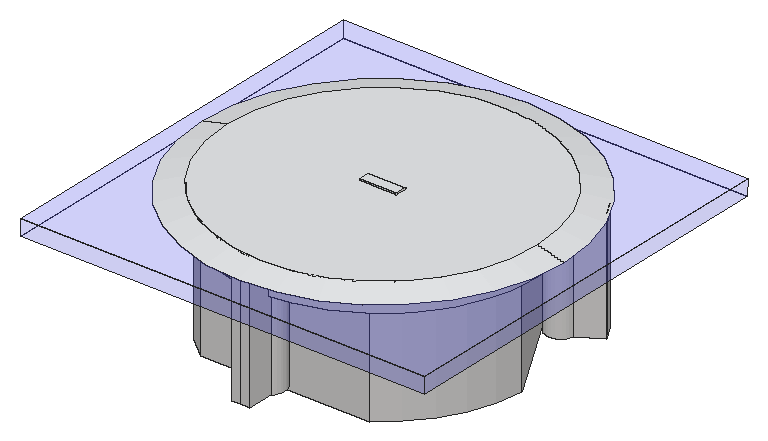
Revit family "AD-C4T-LP", category Communication Devices, host Face, Revit 2014
Parameters (values of type "AD-C4T-LP")
  Width = Grille Radius Base * 2  # 280 mm
  Weight Product (lb) = 6.6
  Weight Product (kg) = 3
  Weight Dimensional (lb) = 11.25
  Weight Dimensional (kg) = 5.1
  URL = ""
  Sensitivity = 89.3
  SPL Max = 110.1
  Regulatory Compliance = "EN54-24, UL1480, UL2043, NFPA90, NFPA70, UL1876, ROHS, C-TICK X000, CE"
  Product Page URL = ""
  Product Documentation Link = ""
  Power Handling = 30
  Model = "AD-C4T-LP"
  Middle Radius = 120 mm
  Middle Depth = 17 mm
  Manufacturer URL = "www.qscaudio.com"
  Manufacturer = "QSC Audio Products, LLC"
  Logo Material [instance] = White Powder Coated Finish
  Impedance = 16
  Grille Radius Extent = 120 mm
  Grille Radius Base = 140 mm
  Grille Material [instance] = White Powder Coated Mesh
  Grille Depth = 5 mm
  Enclosure Radius = 115 mm
  Enclosure Depth = 78 mm
  Description = "4.5\" Two-way Low Profile Loudspeaker"
  Depth = Grille Depth + Middle Depth + Enclosure Depth  # 100 mm
  Default Elevation = 0 mm
  Coverage Vertical = 120.00°
  Coverage Horizontal = 120.00°
  70V Taps = "3.75, 7.5, 15, 30"
  100V Taps = "7.5, 15, 30"
Reference planes
  plane 1 "Center (Front/Back)": y = 0
  plane 2: z = 0
  plane 3 "Center (Left/Right)": x = 0
  plane 4 "Grill Extent": z = 5
  plane 5 "Enclosure Extent": z = -95
  plane 6 "Middle Extent": z = -17
Forms (mm)
  Extrusion 1, solid, material "Glass"
    sketch origin (0, 0, 0) x (1, 0, 0) y (0, 1, 0)
      loop
        line (-150.641, 150.286) -> (-150.641, -162.977) -> (162.649, -162.977) -> (162.649, 150.286) -> (-150.641, 150.286)
    from 0 to -12.576
  Extrusion 2, solid, material "Steel"
    sketch origin (0, 0, -17) x (0, 1, 0) y (-1, 0, 0)
      loop
        circle (0, 0) r 120
    from 0 to 17 <- "Middle Depth"
  Extrusion 3, solid, material "Steel"
    sketch origin (0, 0, -95) x (0, 1, 0) y (-1, 0, 0)
      loop
        circle (0, 0) r 115
    from 0 to 78 <- "Enclosure Depth"
  Blend 4, solid, material "White Powder Coated Mesh" <- "Grille Material"
    base sketch origin (0, 0, 0) x (1, 0, 0) y (0, 1, 0)
      loop
        circle (0, 0) r 140
    top sketch origin (0, 0, 0) x (1, 0, 0) y (0, 1, 0)
      loop
        circle (0, 0) r 120
    from 0 to 5 <- "Grille Depth"
  Extrusion 5, solid, material "White Powder Coated Finish" <- "Logo Material"
    sketch origin (-182.677, -24.318, 5) x (0, 1, 0) y (-1, 0, 0)
      loop
        arc (28.268, -168.392) -> (28.119, -168.033) -> (27.76, -167.884) r 0.508
        line (27.76, -167.884) -> (20.111, -167.884)
        arc (20.111, -167.884) -> (19.752, -168.033) -> (19.603, -168.392) r 0.508
        line (19.603, -168.392) -> (19.603, -196.527)
        arc (19.603, -196.527) -> (19.752, -196.887) -> (20.111, -197.035) r 0.508
        line (20.111, -197.035) -> (27.76, -197.035)
        arc (27.76, -197.035) -> (28.119, -196.887) -> (28.268, -196.527) r 0.508
        line (28.268, -196.527) -> (28.268, -168.392)
    from 0 to 0.794
  Extrusion 6, void
    sketch origin (0, 0, -95) x (0, 1, 0) y (-1, 0, 0)
      loop
        line (120.955, 39.5) -> (120.955, 134.5) -> (-43.59, 134.5) -> (120.955, 39.5)
      loop
        line (-94.685, 86.95) -> (-154.685, 86.95) -> (-154.685, -98.05) -> (-94.685, -98.05) -> (-94.685, 86.95)
      loop
        line (-41.966, -133.562) -> (120.955, -133.562) -> (120.955, -39.5) -> (-41.966, -133.562)
    from 0 to 78 <- "Enclosure Depth"
  Extrusion 7, solid, material "Steel"
    sketch origin (0, 0, 0) x (1, 0, 0) y (0, 1, 0)
      loop
        line (6.881, -137.685) -> (6.881, -117.268)
        arc (6.881, -117.268) -> (0, -97.685) -> (-6.881, -117.268) r 11
        line (-6.881, -117.268) -> (-6.881, -137.685) -> (0, -137.685) -> (6.881, -137.685)
      loop
        line (115.799, 74.802) -> (98.116, 64.593)
        arc (98.116, 64.593) -> (84.598, 48.843) -> (104.997, 52.675) r 11
        line (104.997, 52.675) -> (122.68, 62.884) -> (119.239, 68.843) -> (115.799, 74.802)
      loop
        line (-122.68, 62.884) -> (-104.997, 52.675)
        arc (-104.997, 52.675) -> (-84.598, 48.843) -> (-98.116, 64.593) r 11
        line (-98.116, 64.593) -> (-115.799, 74.802) -> (-119.239, 68.843) -> (-122.68, 62.884)
    from -1 to -87
Cuts and joins
  Extrusion 6 cuts Extrusion 2
  joined: Extrusion 2, Extrusion 7
  Extrusion 6 cuts Extrusion 3
Lines and regions (mm)
  model lines
    curve 1: line (1.937, -1.546, 5.794) -> (-0.28, 1.374, 5.794)
    curve 2: line (-0.28, 1.374, 5.794) -> (1.937, -1.546, 5.794)
    curve 3: line (-8.315, -1.182, 5.794) -> (-7.478, 1.831, 5.794)
    curve 4: line (-7.478, 1.831, 5.794) -> (-8.315, -1.182, 5.794)
    curve 5: line (-6.916, -3.176, 5.794) -> (-7.541, 2.398, 5.794)
    curve 6: line (-7.541, 2.398, 5.794) -> (-6.916, -3.176, 5.794)
    curve 7: line (4.904, 0.724, 5.794) -> (6.881, -0.728, 5.794)
    curve 8: line (6.881, -0.728, 5.794) -> (4.904, 0.724, 5.794)
Dimensions and locks
  "Grille Depth": plane 4 "Grill Extent" to plane 2
  "Middle Depth": plane 6 "Middle Extent" to plane 2
  "Enclosure Depth": plane 5 "Enclosure Extent" to plane 6 "Middle Extent"
  "Middle Radius": radius of Extrusion 2 sketch curve
  "Enclosure Radius": radius of Extrusion 3 sketch curve
  "Grille Radius Base": radius of Blend 4 sketch curve
  "Grille Radius Extent": radius of Blend 4 sketch curve
  aligned and locked: plane 2 to Extrusion 1
  aligned and locked: level to Extrusion 1
  aligned and locked: Blend 4 to plane 2
Automatic sketch dimensions
  plane 1 "Center (Front/Back)" to Extrusion 2 sketch curve = 0 mm
  Extrusion 2 sketch curve to plane 3 "Center (Left/Right)" = 0 mm
  plane 1 "Center (Front/Back)" to Blend 4 sketch curve = 0 mm  (x2)
  Blend 4 sketch curve to plane 3 "Center (Left/Right)" = 0 mm  (x2)
  plane 1 "Center (Front/Back)" to Extrusion 5 sketch curve = 4.714 mm
  Extrusion 5 sketch curve to Extrusion 5 sketch curve = 0.508 mm  (x3)
  Extrusion 5 sketch curve to Extrusion 5 sketch curve = 7.649 mm  (x2)
  plane 3 "Center (Left/Right)" to Extrusion 5 sketch curve = 14.359 mm
  Extrusion 5 sketch curve to Extrusion 5 sketch curve = 28.136 mm
  curve 6 to Extrusion 5 = 1.538 mm
  curve 5 to curve 6 = 0 mm  (x3)
  curve 1 to Extrusion 5 = 3.168 mm
  curve 2 to curve 1 = 0 mm  (x3)
  curve 6 to curve 4 = 1.994 mm
  curve 3 to curve 4 = 0 mm  (x3)
  curve 7 to Extrusion 5 = 3.986 mm
  curve 8 to curve 7 = 0 mm  (x3)
  curve 8 to curve 7 = 1.452 mm
  curve 1 to Extrusion 5 = 2.576 mm
  curve 3 to curve 6 = 0.568 mm
  curve 8 to Extrusion 5 = 7.478 mm
  curve 7 to curve 8 = 0 mm
  curve 8 to curve 7 = 1.976 mm
  curve 7 to curve 2 = 2.968 mm
  curve 1 to curve 2 = 0 mm
  curve 1 to curve 1 = 2.216 mm
  curve 6 to Extrusion 5 = 7.876 mm
  curve 5 to curve 4 = 0.561 mm
  curve 3 to curve 5 = 0.064 mm
  curve 6 to curve 5 = 0 mm
  curve 6 to curve 4 = 1.399 mm
  Extrusion 1 sketch curve to Extrusion 1 sketch curve = 313.29 mm
  Extrusion 1 sketch curve to Extrusion 1 sketch curve = 313.262 mm
  plane 1 "Center (Front/Back)" to Extrusion 3 sketch curve = 0 mm
  Extrusion 3 sketch curve to plane 3 "Center (Left/Right)" = 0 mm
  plane 1 "Center (Front/Back)" to Extrusion 6 sketch curve = 154.685 mm
  Extrusion 6 sketch curve to Extrusion 6 sketch curve = 60 mm
  plane 1 "Center (Front/Back)" to Extrusion 6 sketch curve = 43.59 mm
  plane 1 "Center (Front/Back)" to Extrusion 6 sketch curve = 41.966 mm
  Extrusion 6 sketch curve to plane 1 "Center (Front/Back)" = 120.955 mm  (x2)
  plane 3 "Center (Left/Right)" to Extrusion 6 sketch curve = 39.5 mm
  plane 3 "Center (Left/Right)" to Extrusion 6 sketch curve = 98.05 mm
  Extrusion 6 sketch curve to Extrusion 6 sketch curve = 35.512 mm
  Extrusion 6 sketch curve to plane 3 "Center (Left/Right)" = 39.5 mm
  Extrusion 6 sketch curve to plane 3 "Center (Left/Right)" = 86.95 mm
  Extrusion 6 sketch curve to Extrusion 6 sketch curve = 95 mm
  Extrusion 7 sketch curve to plane 3 "Center (Left/Right)" = 0 mm  (x2)
  Extrusion 7 sketch curve to Extrusion 7 sketch curve = 6.881 mm
  Extrusion 7 sketch curve to plane 3 "Center (Left/Right)" = 94.124 mm
  Extrusion 7 sketch curve to plane 1 "Center (Front/Back)" = 64.593 mm  (x2)
  Extrusion 7 sketch curve to Extrusion 7 sketch curve = 3.992 mm  (x2)
  Extrusion 7 sketch curve to plane 1 "Center (Front/Back)" = 52.675 mm  (x2)
  Extrusion 7 sketch curve to Extrusion 7 sketch curve = 10.873 mm  (x2)
  Extrusion 7 sketch curve to Extrusion 7 sketch curve = 17.682 mm  (x2)
  Extrusion 7 sketch curve to plane 1 "Center (Front/Back)" = 68.843 mm  (x2)
  Extrusion 7 sketch curve to Extrusion 7 sketch curve = 3.44 mm  (x2)
  Extrusion 7 sketch curve to plane 1 "Center (Front/Back)" = 62.884 mm  (x2)
  plane 3 "Center (Left/Right)" to Extrusion 7 sketch curve = 6.881 mm
  plane 3 "Center (Left/Right)" to Extrusion 7 sketch curve = 94.124 mm
  plane 1 "Center (Front/Back)" to Extrusion 7 sketch curve = 108.685 mm
  Extrusion 7 sketch curve to Extrusion 7 sketch curve = 8.582 mm
  Extrusion 7 sketch curve to Extrusion 7 sketch curve = 20.418 mm
Connectors
  electrical at (0, 0, -95)
    settings: on Extrusion 3, index 2, voltage 0 V, apparent load 0 VA, apparent load phase1 0 VA, apparent load phase2 0 VA, apparent load phase3 0 VA, power factor 1, load classification "Other", number of poles 1, system type 14, power factor state 1, is connector primary yes, connector utility no, sub classification motor no, connector description "Speaker"
